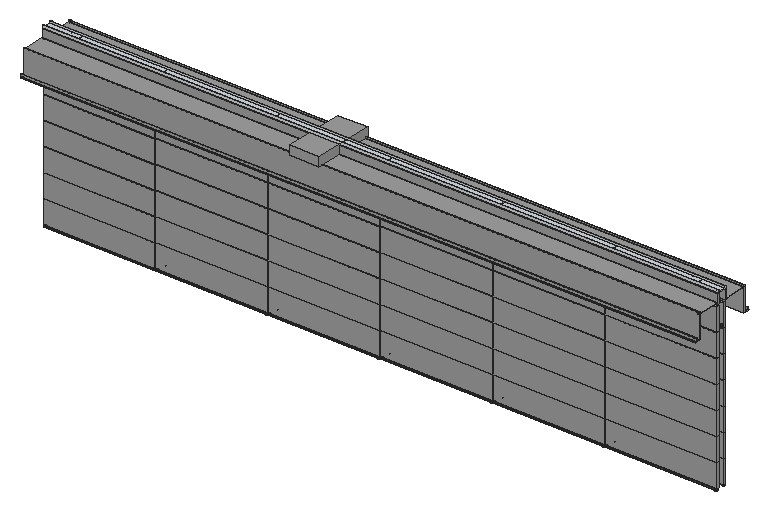
Revit family "Partition-7_Panels_High-Skyfold_Classic_Compact-12-1_to_14-0_FC_3680_to_4265", category Generic Models, host Ceiling, Revit 2026
Family settings
  Host = Ceiling
  Can host rebar = No
  Round Connector Dimension = Use Diameter
  Part Type = Normal
  Always vertical = Yes
  Cut with Voids When Loaded = No
  Maintain Annotation Orientation = No
  Shared = No
  Room Calculation Point = No
Parameters (values of type "14' - 0"")
  Visibility Of Unfold Single Panel [instance] = and(not(Fold), Number Of Panels < 2)  # no
  Visibility Of Fold Single Panel [instance] = and(Fold, Number Of Panels < 2)  # no
  Visibility Of Fold Panels [instance] = and(Fold, Number Of Panels > 1)  # no
  URL = "http://www.skyfold.com/\r\nhttp://www.skyfold.com/\r\nhttp://www.skyfold.com/\r\nhttp://www.skyfold.com/"
  Total Panel Height = ([Panel Height"F"] * 7) + 0' 3"  # 15' - 8 1/2"
  Pocket Material [instance] = Default
  Panel Array [instance] = if(Number Of Panels < 3, 2, Number Of Panels)  # 6
  Panel 7 Material [instance] = Default
  Panel 6 Material [instance] = Default
  Panel 5 Material [instance] = Default
  Panel 4 Material [instance] = Default
  Panel 3 Material [instance] = Default
  Panel 2 Material [instance] = Default
  Model = "Compact Drive System"
  Manufacturer = "Skyfold"
  Description = "Custom Powerlift Partitions"
  Default Elevation = 0' - 0"
  Center Pantograph Visibility [instance] = Number Of Panels > 2  # yes
  Visibility Of Single Pantograph [instance] = and(Number Of Panels = 2, Total Wall Length > 16' 0")  # no
  Total Wall Length [instance] = 65' - 0"
  Wall Thickness = 0' - 11 3/4"  # constant formula
  Unfold [instance] = and(not(Fold), Number Of Panels > 1)  # yes
  Pocket Width"E" = 5' - 3 3/4"
  Pocket Depth"D" = 2' - 1 1/2"
  Panel Length [instance] = (Total Wall Length - 0' 2" - (Number Of Panels - 1) * 0' 0 1/2") / Number Of Panels  # 10' - 9 1/4"
  Panel Height"F" = 2' - 2 1/2"
  Offset From Ceiling [instance] = 0' - 0"
  Center Pantographs [instance] = if(Number Of Panels < 3, 2, Number Of Panels - 1)  # 5
  Number Of Panels [instance] = (Total Wall Length / Max Panel Length) + 0.499  # 6
  Motor Positionning [instance] = if(or(Number Of Panels = 1, Total Wall Length < 16' 1", Number Of Panels = 3, Number Of Panels = 5, Number Of Panels = 7, Number Of Panels = 9, Number Of Panels = 11), (Total Wall Length / 2), (Total Wall Length / 2) - (Panel Length / 2))  # 27' - 1 3/8"
  Max Wall Length [instance] = 100' - 0"  # constant formula
  Max Panel Length [instance] = 12' - 0"  # constant formula
  Height Between Panels [instance] = [Panel Height"F"] + 0' 0 1/2"  # 2' - 3"
  Fold [instance] = no
  Distance From Acoustic Barrier = 0' - 2"  # constant formula
  Distance Between Panels [instance] = Panel Length + 0' 0 1/2"  # 10' - 9 3/4"
  Finished Ceiling"A" = 14' - 0"
  Panel 1 Material [instance] = Default
  Top Of Acoustic Barrier [instance] = 17' - 0"
  Assembly Code = ""
  Beam Height"B" = 17' - 1"
  Acoustic Barrier"C" = 16' - 0 1/2"
Reference planes (in)
  plane 1 "Center (Front/Back)": y = 0
  plane 2 "Ceiling": z = 96
  plane 3 "Center (Left/Right)": x = 0
  plane 4: y = -31.875
  plane 5: y = 31.875
  plane 6: y = -5.875
  plane 7: y = 5.875
  plane 8: x = 780
  plane 9: x = 1
  plane 10: x = 130.75
  plane 11: z = 95.96875
  plane 12: z = 121.46875
  plane 13: z = -72.03125
  plane 14 "Beam height": z = 132.96875
  plane 15 "ouverture": y = -35.68131
  plane 16: x = 325.375
  plane 17 "BOAB": z = 118.57812
  plane 18: z = 95.96875
Lines and regions (in)
  Opening 1
    outline origin (0, 3.93322, 96) x (1, 0, 0) y (0, 1, 0)
      loop
        line (0, 33.19178) -> (0, -41.05822) -> (780, -41.05822) -> (780, 33.19178) -> (0, 33.19178)
Dimensions and locks (in)
  equal spacing: host sketch curve, plane 3 "Center (Left/Right)", host sketch curve
  equal spacing: host sketch curve, plane 1 "Center (Front/Back)", host sketch curve
  host sketch curve to host sketch curve = 10' - 0"  (x2)
  plane 2 "Ceiling" to level = 7' - 0"
  equal spacing: plane 4, plane 1 "Center (Front/Back)", plane 5
  "Pocket Width"E"": plane 4 to plane 5
  equal spacing: plane 6, plane 1 "Center (Front/Back)", plane 7
  "Wall Thickness": plane 6 to plane 7
  "Total Wall Length": plane 8 to plane 3 "Center (Left/Right)"
  locked: plane 9 to plane 3 "Center (Left/Right)" at 1
  "Distance Between Panels": plane 10 to plane 9
  locked: plane 2 "Ceiling" to plane 11 at 0.03125
  equal spacing: group 1, group 2, group 7, group 9, group 12, group 15  (x3)
  equal spacing: group 3, group 4, group 8, group 10, group 13, group 16  (x3)
  "Finished Ceiling"A"": plane 11 to plane 13
  "Beam Height"B"": plane 14 "Beam height" to plane 13
  locked: nested 8 to plane 3 "Center (Left/Right)" at 32
  locked: plane 8 to nested 9 at 32
  locked: nested 5 to nested 10 at 0.25
  equal spacing: group 5, group 6, group 11, group 14, group 17  (x3)
  "Distance Between Panels": nested 11 to nested 10
  locked: plane 10 to nested 12 at 0.25
  "Motor Positionning": plane 16 to plane 3 "Center (Left/Right)"
  locked: plane 12 to plane 17 "BOAB" at 2.89062
  "Offset From Ceiling": plane 11 to plane 18
  "Pocket Depth"D"": plane 12 to plane 18
  aligned and locked: nested 1 to Opening 1 sketch curve  (x2)
  aligned and locked: Opening 1 sketch curve to plane 8
  aligned and locked: plane 2 "Ceiling" to host ceiling
  aligned and locked: nested 2 to plane 1 "Center (Front/Back)"
  aligned and locked: nested 2 to plane 9
  aligned and locked: Opening 1 sketch curve to nested 1
  aligned and locked: nested 1 to plane 3 "Center (Left/Right)"
  aligned and locked: nested 4 to plane 10
  aligned and locked: plane 10 to nested 5
  aligned and locked: plane 8 to nested 6
  aligned and locked: plane 3 "Center (Left/Right)" to nested 6
  aligned and locked: nested 13 to plane 1 "Center (Front/Back)"
  aligned and locked: plane 14 "Beam height" to nested 6
  aligned and locked: nested 1 to nested 6
  aligned and locked: plane 14 "Beam height" to nested 8
  aligned and locked: plane 14 "Beam height" to nested 12
  aligned and locked: plane 14 "Beam height" to nested 10
  aligned and locked: nested 11 to plane 14 "Beam height"
  aligned and locked: nested 9 to plane 14 "Beam height"
  aligned and locked: nested 14 to plane 1 "Center (Front/Back)"
  aligned and locked: nested 15 to nested 14
  aligned and locked: plane 9 to nested 15
  aligned and locked: nested 16 to nested 14
  aligned and locked: nested 16 to plane 9
  aligned and locked: plane 16 to nested 7
  aligned and locked: plane 14 "Beam height" to nested 7
  aligned and locked: nested 14 to plane 17 "BOAB"
  aligned and locked: plane 17 "BOAB" to nested 2
  aligned and locked: nested 13 to plane 18
  aligned and locked: nested 3 to plane 18
  aligned and locked: nested 15 to plane 18
  aligned and locked: nested 5 to plane 18
  aligned and locked: nested 16 to plane 17 "BOAB"
  aligned and locked: nested 4 to plane 17 "BOAB"
  aligned and locked: nested 1 to plane 18
  aligned and locked: plane 7 to nested 27
  aligned and locked: nested 27 to plane 14 "Beam height"
  aligned and locked: plane 5 to nested 25
  aligned and locked: nested 25 to plane 11
  aligned and locked: plane 15 "ouverture" to nested 26
  aligned and locked: nested 26 to plane 14 "Beam height"
Nested families (in)
  nested 1: "Pocket" at (0, -10.75, 97.27344), Acoustic_Barrier"C" <- "Acoustic Barrier"C"", Total_Wall_Length <- "Total Wall Length", T.O. Acoustic_Barrier <- "Top Of Acoustic Barrier", Beam_Height <- "Beam Height"B"", Pocket Material <- "Pocket Material", type "Pocket"
    with Total_Wall_Length 65' - 0", T.O. Acoustic_Barrier 17' - 0", Pocket Material Default, Motor_Length 2' - 10", Motor_Height 0' - 11 1/2", Beam_Height 17' - 1", Acoustic_Barrier"C" 16' - 0 1/2", Pocket_Width"E" 5' - 3 3/4", Pocket_Depth"D" 2' - 1 1/2", Finished_Ceiling"A" 14' - 0"
  nested 2: "Groupe_5 panneaux" at (1, 0, -116.2765), panel_length <- "Panel Length", Panel_Material <- "Panel 1 Material", visible <- "Unfold", Total_Panel-Height <- "Total Panel Height", Panel 2 material <- "Panel 2 Material", Panel 3 material <- "Panel 3 Material", Panel 4 material <- "Panel 4 Material", Panel 5 material <- "Panel 5 Material", Panel 6 material <- "Panel 6 Material", Panel 7 material <- "Panel 7 Material", type "Groupe_5 panneaux"
    with panel_length 10' - 9 1/4", Total_Panel-Height 15' - 8 1/2", Panel_Material Default, Panel 7 material Default, Panel 6 material Default, Panel 5 material Default, Panel 4 material Default, Panel 3 material Default, Panel 2 material Default
  nested 3: "Panneau_hor" at (1, 12.57079, 83.96875), panel_length <- "Panel Length", panel_height <- "Panel Height"F"", visible <- "Visibility Of Fold Panels", Panel_Material <- "Panel 7 Material", type "Panneau_hor"
    with panel_length 10' - 9 1/4", panel_height 2' - 2 1/2", Panel_Material Default
  nested 4: "Groupe_5 panneaux" at (130.75, 0, -116.2765), panel_length <- "Panel Length", Panel_Material <- "Panel 1 Material", visible <- "Unfold", Total_Panel-Height <- "Total Panel Height", Panel 2 material <- "Panel 2 Material", Panel 3 material <- "Panel 3 Material", Panel 4 material <- "Panel 4 Material", Panel 5 material <- "Panel 5 Material", Panel 6 material <- "Panel 6 Material", Panel 7 material <- "Panel 7 Material", type "Groupe_5 panneaux"
    with panel_length 10' - 9 1/4", Total_Panel-Height 15' - 8 1/2", Panel_Material Default, Panel 7 material Default, Panel 6 material Default, Panel 5 material Default, Panel 4 material Default, Panel 3 material Default, Panel 2 material Default
  nested 5: "Panneau_hor" at (130.75, 12.57079, 83.96875), panel_length <- "Panel Length", panel_height <- "Panel Height"F"", visible <- "Visibility Of Fold Panels", Panel_Material <- "Panel 7 Material", type "Panneau_hor"
    with panel_length 10' - 9 1/4", panel_height 2' - 2 1/2", Panel_Material Default
  nested 6: "Beam" at (0, -10.75, 114.27344), type "Pocket"
    with Total_Wall_Length 65' - 0"
  nested 7: "Motor" at (308.375, -23, 122.96875), type "Compact"
  nested 8: "Pantograph" at (54.25, -4, 120.6875) x (0, 1, 0) z (0, 0, 1), type "Pantograph"
  nested 9: "Pantograph" at (770.25, -4, 120.6875) x (0, 1, 0) z (0, 0, 1), type "Pantograph"
  nested 10: "Pantograph" at (152.75, -4, 120.6875) x (0, 1, 0) z (0, 0, 1), visible <- "Center Pantograph Visibility", type "Pantograph"
  nested 11: "Pantograph" at (282.5, -4, 120.6875) x (0, 1, 0) z (0, 0, 1), visible <- "Center Pantograph Visibility", type "Pantograph"
  nested 12: "Pantograph" at (152.75, -4, 120.6875) x (0, 1, 0) z (0, 0, 1), visible <- "Visibility Of Single Pantograph", type "Pantograph"
  nested 13: "2D Fold panels" at (1, 2.48811, 95.96875) x (0, 1, 0) z (1, 0, 0), visible <- "Fold", Panel_Height <- "Panel Height"F"", type "Folded panels"
    with Panel_Height 2' - 2 1/2"
  nested 14: "2D Unfold Panels" at (1, -1.44627, 26.57812) x (0, 1, 0) z (1, 0, 0), visible <- "Unfold", type "Unfold Panels"
  nested 15: "Panneau_hor" at (1, 12.57079, 83.96875), panel_length <- "Panel Length", panel_height <- "Panel Height"F"", Panel_Material <- "Panel 1 Material", visible <- "Visibility Of Fold Single Panel", type "Panneau_hor"
    with panel_length 10' - 9 1/4", panel_height 2' - 2 1/2", Panel_Material Default
  nested 16: "Groupe_5 panneaux" at (1, 0, -116.2765), Panel_Material <- "Panel 1 Material", panel_length <- "Panel Length", visible <- "Visibility Of Unfold Single Panel", Total_Panel-Height <- "Total Panel Height", type "Groupe_5 panneaux"
    with panel_length 10' - 9 1/4", Total_Panel-Height 15' - 8 1/2", Panel_Material Default, Panel 7 material none, Panel 6 material none, Panel 5 material none, Panel 4 material none, Panel 3 material none, Panel 2 material none
  nested 17: "Groupe_5 panneaux" at (260.5, 0, -116.2765), panel_length <- "Panel Length", Panel_Material <- "Panel 1 Material", visible <- "Unfold", Total_Panel-Height <- "Total Panel Height", Panel 2 material <- "Panel 2 Material", Panel 3 material <- "Panel 3 Material", Panel 4 material <- "Panel 4 Material", Panel 5 material <- "Panel 5 Material", Panel 6 material <- "Panel 6 Material", Panel 7 material <- "Panel 7 Material", type "Groupe_5 panneaux"
    with panel_length 10' - 9 1/4", Total_Panel-Height 15' - 8 1/2", Panel_Material Default, Panel 7 material Default, Panel 6 material Default, Panel 5 material Default, Panel 4 material Default, Panel 3 material Default, Panel 2 material Default
  nested 18: "Panneau_hor" at (260.5, 12.57079, 83.96875), panel_length <- "Panel Length", panel_height <- "Panel Height"F"", visible <- "Visibility Of Fold Panels", Panel_Material <- "Panel 7 Material", type "Panneau_hor"
    with panel_length 10' - 9 1/4", panel_height 2' - 2 1/2", Panel_Material Default
  nested 19: "Groupe_5 panneaux" at (390.25, 0, -116.2765), panel_length <- "Panel Length", Panel_Material <- "Panel 1 Material", visible <- "Unfold", Total_Panel-Height <- "Total Panel Height", Panel 2 material <- "Panel 2 Material", Panel 3 material <- "Panel 3 Material", Panel 4 material <- "Panel 4 Material", Panel 5 material <- "Panel 5 Material", Panel 6 material <- "Panel 6 Material", Panel 7 material <- "Panel 7 Material", type "Groupe_5 panneaux"
    with panel_length 10' - 9 1/4", Total_Panel-Height 15' - 8 1/2", Panel_Material Default, Panel 7 material Default, Panel 6 material Default, Panel 5 material Default, Panel 4 material Default, Panel 3 material Default, Panel 2 material Default
  nested 20: "Panneau_hor" at (390.25, 12.57079, 83.96875), panel_length <- "Panel Length", panel_height <- "Panel Height"F"", visible <- "Visibility Of Fold Panels", Panel_Material <- "Panel 7 Material", type "Panneau_hor"
    with panel_length 10' - 9 1/4", panel_height 2' - 2 1/2", Panel_Material Default
  nested 21: "Pantograph" at (412.25, -4, 120.6875) x (0, 1, 0) z (0, 0, 1), visible <- "Center Pantograph Visibility", type "Pantograph"
  nested 22: "Groupe_5 panneaux" at (520, 0, -116.2765), panel_length <- "Panel Length", Panel_Material <- "Panel 1 Material", visible <- "Unfold", Total_Panel-Height <- "Total Panel Height", Panel 2 material <- "Panel 2 Material", Panel 3 material <- "Panel 3 Material", Panel 4 material <- "Panel 4 Material", Panel 5 material <- "Panel 5 Material", Panel 6 material <- "Panel 6 Material", Panel 7 material <- "Panel 7 Material", type "Groupe_5 panneaux"
    with panel_length 10' - 9 1/4", Total_Panel-Height 15' - 8 1/2", Panel_Material Default, Panel 7 material Default, Panel 6 material Default, Panel 5 material Default, Panel 4 material Default, Panel 3 material Default, Panel 2 material Default
  nested 23: "Panneau_hor" at (520, 12.57079, 83.96875), panel_length <- "Panel Length", panel_height <- "Panel Height"F"", visible <- "Visibility Of Fold Panels", Panel_Material <- "Panel 7 Material", type "Panneau_hor"
    with panel_length 10' - 9 1/4", panel_height 2' - 2 1/2", Panel_Material Default
  nested 24: "Pantograph" at (542, -4, 120.6875) x (0, 1, 0) z (0, 0, 1), visible <- "Center Pantograph Visibility", type "Pantograph"
  nested 25: "Suspended Ceiling Component" at (780, 31.875, 95.96875) x (0, 1, 0) z (1, 0, 0), type "Suspended Ceiling Component"
  nested 26: "Disclaimer Component" at (780, -35.68131, 132.96875) x (0, 1, 0) z (1, 0, 0), type "Disclaimer Component"
  nested 27: "construction as per ASTM E557 Component" at (780, 5.875, 132.96875) x (0, 1, 0) z (1, 0, 0), type "construction as per ASTM E557 Component"
  nested 28: "Groupe_5 panneaux" at (649.75, 0, -116.2765), panel_length <- "Panel Length", Panel_Material <- "Panel 1 Material", visible <- "Unfold", Total_Panel-Height <- "Total Panel Height", Panel 2 material <- "Panel 2 Material", Panel 3 material <- "Panel 3 Material", Panel 4 material <- "Panel 4 Material", Panel 5 material <- "Panel 5 Material", Panel 6 material <- "Panel 6 Material", Panel 7 material <- "Panel 7 Material", type "Groupe_5 panneaux"
    with panel_length 10' - 9 1/4", Total_Panel-Height 15' - 8 1/2", Panel_Material Default, Panel 7 material Default, Panel 6 material Default, Panel 5 material Default, Panel 4 material Default, Panel 3 material Default, Panel 2 material Default
  nested 29: "Panneau_hor" at (649.75, 12.57079, 83.96875), panel_length <- "Panel Length", panel_height <- "Panel Height"F"", visible <- "Visibility Of Fold Panels", Panel_Material <- "Panel 7 Material", type "Panneau_hor"
    with panel_length 10' - 9 1/4", panel_height 2' - 2 1/2", Panel_Material Default
  nested 30: "Pantograph" at (671.75, -4, 120.6875) x (0, 1, 0) z (0, 0, 1), visible <- "Center Pantograph Visibility", type "Pantograph"
Definition of nested family "Pocket"
  Parameters
    Total_Wall_Length [instance] = 35' - 0"
    T.O. Acoustic_Barrier [instance] = 15' - 0"
    Pocket_Width"E" = 4' - 7 1/2"
    Pocket_Depth"D" = 2' - 0 7/8"
    Pocket Material [instance] = none
    Motor_Length [instance] = 2' - 6 29/128"
    Motor_Height [instance] = 1' - 3"
    Finished_Ceiling"A" = 12' - 1"
    Default Elevation = 0' - 0"
    Assembly Code = ""
    Beam_Height [instance] = 10' - 0"
    Acoustic_Barrier"C" [instance] = 1' - 7 5/8"
  Reference planes (in)
    plane 1 "Center (Front/Back)": y = 10.75
    plane 2: z = 23.57031
    plane 3 "Center (Left/Right)": x = 0
    plane 4: z = -1.30469
    plane 5: y = -17
    plane 6: y = 38.5
    plane 7: y = -22.25
    plane 8: y = 43.75
    plane 9: z = 2.32031
    plane 10: y = 4.75
    plane 11: y = 16.75
    plane 12: x = 420
    plane 13: z = 3.69531
    plane 14: z = 71.18777
    plane 15: z = 33.69531
    plane 16: z = -146.30469
    plane 17: x = 12.89513
    plane 18: x = 203.52734
    plane 19: z = -26.30469
    plane 20: z = 24.57031
  Forms (in)
    Extrusion 1, solid, material <- "Pocket Material"
      sketch origin (0, 0, 0) x (0, 1, 0) y (0, 0, 1)
        loop
          line (-22.25, 2.32031) -> (-22.25, -1.30469) -> (-17, -1.30469) -> (-17, 26.57031) -> (-17.625, 26.57031) -> (-17.625, -0.67969) -> (-21.625, -0.67969) -> (-21.625, 2.32031) -> (-22.25, 2.32031)
        loop
          line (-16.78125, 24.57031) -> (4.53125, 24.57031) -> (4.53125, 25.19531) -> (-16.78125, 25.19531) -> (-16.78125, 24.57031)
      from 0 to 420
    Extrusion 2, solid, material <- "Pocket Material"
      sketch origin (0, 0, 0) x (0, 1, 0) y (0, 0, 1)
        loop
          line (9.75, -1.30469) -> (11.75, -1.30469) -> (11.75, -1.05469) -> (10.875, -1.05469) -> (10.875, 0.69531) -> (10.625, 0.69531) -> (10.625, -1.05469) -> (9.75, -1.05469) -> (9.75, -1.30469)
      from 0 to 420
    Extrusion 3, solid, material <- "Pocket Material"
      sketch origin (0, 0, 0) x (0, 1, 0) y (0, 0, 1)
        loop
          line (4.75, 23.57031) -> (5.75, 23.57031) -> (5.75, 33.69531) -> (4.75, 33.69531) -> (4.75, 23.57031)
      from 0 to 420
    Extrusion 4, solid, material <- "Pocket Material"
      sketch origin (0, 21.5, 0) x (0, -1, 0) y (0, 0, -1)
        loop
          line (4.75, -23.57031) -> (4.75, -33.69531) -> (5.75, -33.69531) -> (5.75, -23.57031) -> (4.75, -23.57031)
      from 0 to 420
    Extrusion 5, solid, material <- "Pocket Material"
      sketch origin (420, 0, 0.01562) x (0, 1, 0) y (0, 0, 1)
        loop
          line (-17, 25.25781) -> (-17, 24.46094) -> (-16.25, 24.46094) -> (-16.25, 24.55469) -> (-16.90625, 24.55469) -> (-16.90625, 25.25781) -> (-17, 25.25781)
      from -420 to 0
    Extrusion 6, solid, material <- "Pocket Material"
      sketch origin (420, -21.98359, 0.03125) x (0, -1, 0) y (0, 0, -1)
        loop
          line (-26.73359, -25.24219) -> (-26.63984, -25.24219) -> (-26.63984, -24.53906) -> (-25.98359, -24.53906) -> (-25.98359, -24.44531) -> (-26.73359, -24.44531) -> (-26.73359, -25.24219)
      from -420 to 0
    Extrusion 7, solid, material <- "Pocket Material"
      sketch origin (420, -57.55768, -19.35805) x (0, -1, 0) y (0, 0, -1)
        loop
          line (-35.30768, -18.75649) -> (-35.21393, -18.75649) -> (-35.21393, -18.05336) -> (-34.55768, -18.05336) -> (-34.55768, -17.95961) -> (-35.30768, -17.95961) -> (-35.30768, -18.75649)
      from -420 to 0
    Extrusion 8, solid, material <- "Pocket Material"
      sketch origin (0, 21.5, 0.125) x (0, -1, 0) y (0, 0, -1)
        loop
          line (-22.25, -2.32031) -> (-21.625, -2.32031) -> (-21.625, 0.67969) -> (-17.625, 0.67969) -> (-17.625, -26.44531) -> (-17, -26.44531) -> (-17, 1.30469) -> (-22.25, 1.30469) -> (-22.25, -2.32031)
        loop
          line (-16.78125, -24.44531) -> (-16.78125, -25.07031) -> (4.53125, -25.07031) -> (4.53125, -24.44531) -> (-16.78125, -24.44531)
      from 0 to 420
    Extrusion 9, solid, material <- "Pocket Material"
      sketch origin (420, 21.5, 0) x (0, -1, 0) y (0, 0, -1)
        loop
          line (-17, -25.27344) -> (-16.90625, -25.27344) -> (-16.90625, -24.57031) -> (-16.25, -24.57031) -> (-16.25, -24.47656) -> (-17, -24.47656) -> (-17, -25.27344)
      from -420 to 0
    Extrusion 10, solid, material <- "Pocket Material"
      sketch origin (420, 43.48359, 0) x (0, 1, 0) y (0, 0, 1)
        loop
          line (-26.73359, 25.27344) -> (-26.73359, 24.47656) -> (-25.98359, 24.47656) -> (-25.98359, 24.57031) -> (-26.63984, 24.57031) -> (-26.63984, 25.27344) -> (-26.73359, 25.27344)
      from -420 to 0
    Extrusion 11, solid, material <- "Pocket Material"
      sketch origin (420, 79.05768, -19.35805) x (0, 1, 0) y (0, 0, 1)
        loop
          line (-35.30768, 18.75649) -> (-35.30768, 17.95961) -> (-34.55768, 17.95961) -> (-34.55768, 18.05336) -> (-35.21393, 18.05336) -> (-35.21393, 18.75649) -> (-35.30768, 18.75649)
      from -420 to 0
  Lines and regions (in)
    symbolic lines
      curve 1: line (420, -21.625, -0.67969) -> (420, -17.625, -0.67969)
      curve 2: line (420, -21.625, 33.69531) -> (420, -21.625, -0.67969)
      curve 3: line (420, -17.625, 33.69531) -> (420, -21.625, 33.69531)
      curve 4: line (420, -17.625, -0.67969) -> (420, -17.625, 33.69531)
      curve 5: line (420, 43.125, -0.55469) -> (420, 39.125, -0.55469)
      curve 6: line (420, 43.125, 33.69531) -> (420, 43.125, -0.55469)
      curve 7: line (420, 39.125, 33.69531) -> (420, 43.125, 33.69531)
      curve 8: line (420, 39.125, -0.55469) -> (420, 39.125, 33.69531)
      curve 9: line (420, 16.75, 28.19531) -> (420, 16.75, 26.94531)
      curve 10: line (0, 5.25, 33.69531) -> (0, 5.25, 23.57031)
      curve 11: line (0, 16.25, 33.69531) -> (0, 16.25, 23.57031)
  Dimensions and locks (in)
    locked: plane 7 to plane 5 at 5.25
    locked: plane 9 to plane 4 at 3.625
    locked: plane 6 to plane 8 at 5.25
    plane 10 to plane 1 "Center (Front/Back)" = 0' - 6"
    plane 10 to plane 11 = 1' - 0"
    "Pocket_Width"E"": plane 5 to plane 6
    equal spacing: plane 5, plane 1 "Center (Front/Back)", plane 6
    "Finished_Ceiling"A"": plane 4 to level
    locked: plane 7 to Extrusion 1 sketch curve at 0.625
    locked: Extrusion 1 sketch curve to plane 4 at 0.625
    locked: Extrusion 1 sketch curve to Extrusion 1 sketch curve at 0.625  (x2)
    "Total_Wall_Length": plane 12 to plane 3 "Center (Left/Right)"
    equal spacing: Extrusion 2 sketch curve, plane 1 "Center (Front/Back)", Extrusion 2 sketch curve  (x2)
    locked: Extrusion 2 sketch curve to plane 4 at 2
    locked: Extrusion 2 sketch curve to plane 4 at 0.25
    locked: Extrusion 2 sketch curve to plane 1 "Center (Front/Back)" at 0.125
    locked: Extrusion 1 sketch curve to Extrusion 1 sketch curve at 0.21875
    locked: plane 10 to Extrusion 3 sketch curve at 1
    "Pocket_Depth"D"": plane 2 to plane 4
    locked: plane 13 to plane 16 at 150
    "T.O. Acoustic_Barrier": plane 15 to plane 16
    locked: plane 18 to plane 3 "Center (Left/Right)" at 203.52734
    "Beam_Height": plane 19 to plane 16
    plane 4 to plane 16 = 12' - 1"
    Extrusion 1 to Extrusion 1 to plane 5 = 0' - 0 5/8", 0' - 0"
    locked: Extrusion 1 sketch curve to Extrusion 1 sketch curve at 1.375
    locked: Extrusion 1 sketch curve to plane 10 at 0.21875
    locked: Extrusion 5 sketch curve to Extrusion 5 sketch curve at 0.09375  (x2)
    locked: Extrusion 5 sketch curve to Extrusion 5 sketch curve at 0.79688
    locked: Extrusion 5 sketch curve to Extrusion 5 sketch curve at 0.75
    locked: Extrusion 6 sketch curve to Extrusion 6 sketch curve at 0.09375  (x2)
    locked: Extrusion 6 sketch curve to Extrusion 6 sketch curve at 0.79688
    locked: Extrusion 6 sketch curve to Extrusion 6 sketch curve at 0.75
    locked: Extrusion 7 sketch curve to Extrusion 7 sketch curve at 0.09375  (x2)
    locked: Extrusion 7 sketch curve to Extrusion 7 sketch curve at 0.79688
    locked: Extrusion 7 sketch curve to Extrusion 7 sketch curve at 0.75
    locked: Extrusion 8 sketch curve to Extrusion 8 sketch curve at 0.625
    Extrusion 8 sketch curve to Extrusion 8 sketch curve = 0' - 0 5/8"
    locked: Extrusion 8 sketch curve to Extrusion 8 sketch curve at 0.21875
    Extrusion 8 sketch curve to Extrusion 8 sketch curve = 0' - 1 3/8"
    locked: Extrusion 9 sketch curve to Extrusion 9 sketch curve at 0.09375  (x2)
    locked: Extrusion 9 sketch curve to Extrusion 9 sketch curve at 0.79688
    locked: Extrusion 9 sketch curve to Extrusion 9 sketch curve at 0.75
    locked: Extrusion 10 sketch curve to Extrusion 10 sketch curve at 0.09375  (x2)
    locked: Extrusion 10 sketch curve to Extrusion 10 sketch curve at 0.79688
    locked: Extrusion 10 sketch curve to Extrusion 10 sketch curve at 0.75
    locked: Extrusion 11 sketch curve to Extrusion 11 sketch curve at 0.09375  (x2)
    locked: Extrusion 11 sketch curve to Extrusion 11 sketch curve at 0.79688
    locked: Extrusion 11 sketch curve to Extrusion 11 sketch curve at 0.75
    locked: plane 20 to plane 2 at 1
    aligned and locked: plane 12 to Extrusion 1
    aligned and locked: Extrusion 2 sketch curve to Extrusion 2 sketch curve
    aligned and locked: Extrusion 2 to plane 3 "Center (Left/Right)"
    aligned and locked: plane 12 to Extrusion 2
    aligned and locked: Extrusion 3 sketch curve to plane 2
    aligned and locked: Extrusion 3 sketch curve to plane 10
    aligned and locked: plane 15 to Extrusion 4
    aligned and locked: plane 15 to Extrusion 3
    aligned and locked: plane 12 to Extrusion 3
    aligned and locked: plane 12 to Extrusion 4
    aligned and locked: plane 16 to level
    aligned and locked: curve 1 to Extrusion 1  (x2)
    aligned and locked: curve 4 to Extrusion 1
    aligned and locked: curve 7 to plane 15
    aligned and locked: plane 5 to Extrusion 5
    aligned: plane 2 to Extrusion 5
    aligned and locked: plane 10 to Extrusion 6
    aligned: plane 2 to Extrusion 6
    aligned and locked: plane 7 to Extrusion 7
    aligned and locked: plane 4 to Extrusion 7
    aligned and locked: plane 6 to Extrusion 9
    aligned and locked: plane 4 to Extrusion 11
    aligned and locked: Extrusion 11 to plane 8
    aligned and locked: plane 12 to Extrusion 5
    aligned and locked: plane 12 to Extrusion 6
    aligned and locked: Extrusion 10 to plane 3 "Center (Left/Right)"
    aligned and locked: Extrusion 6 to plane 3 "Center (Left/Right)"
    aligned and locked: Extrusion 5 to plane 3 "Center (Left/Right)"
    aligned and locked: plane 12 to Extrusion 10
    aligned and locked: plane 12 to Extrusion 9
    aligned and locked: Extrusion 9 to plane 3 "Center (Left/Right)"
    aligned and locked: plane 12 to Extrusion 7
    aligned and locked: plane 12 to Extrusion 11
    aligned and locked: Extrusion 7 to plane 3 "Center (Left/Right)"
    aligned and locked: Extrusion 11 to plane 3 "Center (Left/Right)"
    aligned and locked: Extrusion 8 to curve 8
    aligned and locked: curve 6 to Extrusion 8
    aligned and locked: curve 5 to Extrusion 8
    aligned and locked: plane 12 to Extrusion 8
    aligned and locked: Extrusion 1 to plane 3 "Center (Left/Right)"
    aligned and locked: Extrusion 8 to plane 3 "Center (Left/Right)"
    aligned and locked: Extrusion 1 sketch curve to plane 20
    aligned and locked: Extrusion 5 to Extrusion 1
    aligned and locked: Extrusion 6 to Extrusion 1
    aligned and locked: Extrusion 8 to Extrusion 1  (x2)
    aligned and locked: Extrusion 1 to Extrusion 8
    aligned and locked: Extrusion 10 to Extrusion 8
    aligned and locked: Extrusion 9 to Extrusion 8
  Automatic sketch dimensions
    curve 10 to plane 2 = 0' - 0"
    curve 10 to plane 15 = 0' - 0"
    curve 11 to plane 2 = 0' - 0"
    curve 11 to plane 15 = 0' - 0"
    plane 10 to curve 10 = 0' - 0 1/2"
    curve 11 to plane 11 = 0' - 0 1/2"
    Extrusion 1 sketch curve to plane 4 = 0' - 0"
    Extrusion 1 sketch curve to plane 7 = 0' - 0"
    Extrusion 1 sketch curve to plane 5 = 0' - 0"
    Extrusion 1 sketch curve to plane 9 = 0' - 0"
    Extrusion 2 sketch curve to plane 4 = 0' - 0"
    Extrusion 2 sketch curve to Extrusion 2 sketch curve = 0' - 0 7/8"
    Extrusion 3 sketch curve to plane 15 = 0' - 0"
    Extrusion 4 sketch curve to plane 11 = 0' - 0"
    Extrusion 4 sketch curve to plane 15 = 0' - 0"
    Extrusion 4 sketch curve to plane 2 = 0' - 0"
    plane 11 to Extrusion 4 sketch curve = 0' - 1"
    curve 3 to Extrusion 3 = 0' - 0"
    curve 9 to Extrusion 3 = 0' - 4 5/8"
    Extrusion 3 to curve 9 = 0' - 11"
    curve 9 to curve 9 = 0' - 1 1/4"
    Extrusion 5 sketch curve to Extrusion 3 = 0' - 0 29/32"
    Extrusion 3 to Extrusion 5 sketch curve = 1' - 9 3/4"
    Extrusion 6 sketch curve to Extrusion 3 = 0' - 0"
    Extrusion 6 sketch curve to Extrusion 3 = 0' - 1 45/64"
    Extrusion 3 to Extrusion 7 sketch curve = 2' - 3"
    Extrusion 3 to Extrusion 7 sketch curve = 2' - 0 11/64"
    Extrusion 8 sketch curve to plane 8 = 0' - 0"
    Extrusion 8 sketch curve to plane 6 = 0' - 0"
    Extrusion 8 sketch curve to plane 9 = 0' - 0 1/8"
    plane 8 to Extrusion 8 sketch curve = 0' - 0 5/8"
    Extrusion 8 sketch curve to plane 11 = 0' - 0 7/32"
    Extrusion 8 sketch curve to plane 4 = 0' - 0 3/4"
    Extrusion 8 sketch curve to plane 4 = 0' - 0 1/8"
    Extrusion 8 sketch curve to plane 2 = 0' - 1"
    Extrusion 9 sketch curve to Extrusion 3 = 0' - 0 29/32"
    Extrusion 3 to Extrusion 9 sketch curve = 2' - 8 3/4"
    Extrusion 10 sketch curve to Extrusion 3 = 0' - 0 29/32"
    Extrusion 3 to Extrusion 10 sketch curve = 0' - 11"
    Extrusion 3 to Extrusion 11 sketch curve = 3' - 2"
    Extrusion 3 to Extrusion 11 sketch curve = 2' - 0 31/32"
Definition of nested family "Groupe_5 panneaux"
  Parameters
    panel_length [instance] = 3' - 0"
    panel_height = 2' - 2 1/2"
    folded_width = 0' - 11 3/4"
    Total_Panel-Height [instance] = 9' - 2 3/4"
    Panel_Material [instance] = none
    Panel 7 material [instance] = none
    Panel 6 material [instance] = none
    Panel 5 material [instance] = none
    Panel 4 material [instance] = none
    Panel 3 material [instance] = none
    Panel 2 material [instance] = none
    Height_distance_bet_panels = panel_height + 0' 0 1/2"  # 2' - 3"
    Default Elevation = 0' - 0"
    Assembly Code = ""
  Reference planes (in)
    plane 1 "Center (Front/Back)": y = 0
    plane 2: z = 0
    plane 3 "Center (Left/Right)": x = 0
    plane 4: y = 5.875
    plane 5: z = 234.85463
    plane 6: y = -5.875
    plane 7: z = 207.85463
    plane 8: x = 36
    plane 9: z = 124.10463
    plane 10: z = 180.85463
    plane 11: z = 153.85463
    plane 12: z = 126.85463
    plane 13: z = 99.85463
    plane 14: z = 72.85463
  Forms (in)
    Extrusion 1, solid
      sketch origin (0, 1.79895, 58.50004) x (0, 1, 0) y (0, 0, 1)
        loop
          line (-6.80477, 63.92449) -> (-7.05382, 65.35459) -> (-6.92395, 65.35459) -> (-6.92395, 65.6046) -> (-7.67395, 65.6046) -> (-7.67395, 65.35459) -> (-7.41508, 65.35459) -> (-7.66413, 63.92449)
          arc (-7.66413, 63.92449) -> (-7.23445, 63.4948) -> (-6.80477, 63.92449) r 0.42968
      from 0 to 36
    Extrusion 2, solid
      sketch origin (0, -1.79895, 58.50004) x (0, -1, 0) y (0, 0, -1)
        loop
          arc (-6.80477, -63.92449) -> (-7.23445, -63.4948) -> (-7.66413, -63.92449) r 0.42968
          line (-7.66413, -63.92449) -> (-7.41508, -65.35459) -> (-7.67395, -65.35459) -> (-7.67395, -65.6046) -> (-6.92395, -65.6046) -> (-6.92395, -65.35459) -> (-7.05382, -65.35459) -> (-6.80477, -63.92449)
      from 0 to 36
  Dimensions and locks (in)
    equal spacing: plane 6, plane 1 "Center (Front/Back)", plane 4
    "folded_width": plane 6 to plane 4
    "panel_length": plane 8 to plane 3 "Center (Left/Right)"
    "Total_Panel-Height": plane 5 to plane 9
    equal spacing: plane 5, plane 7, plane 10, plane 11, plane 12, plane 13, plane 14
    "Height_distance_bet_panels": plane 5 to plane 7
    aligned and locked: plane 4 to nested 1
    aligned and locked: plane 6 to nested 2
    aligned and locked: plane 3 "Center (Left/Right)" to nested 1
    aligned and locked: nested 2 to plane 5  (x2)
    aligned and locked: nested 4 to plane 7  (x2)
    aligned and locked: plane 8 to Extrusion 1
    aligned and locked: Extrusion 1 to plane 3 "Center (Left/Right)"
    aligned and locked: Extrusion 1 to plane 6
    aligned and locked: Extrusion 2 to plane 3 "Center (Left/Right)"
    aligned and locked: plane 8 to Extrusion 2
    aligned and locked: plane 5 to nested 1
    aligned and locked: plane 7 to nested 3
    aligned and locked: nested 6 to plane 10
    aligned and locked: plane 10 to nested 5
    aligned and locked: nested 8 to plane 11
    aligned and locked: plane 11 to nested 7
    aligned and locked: nested 10 to plane 12
    aligned and locked: plane 12 to nested 9
    aligned and locked: nested 12 to plane 13
    aligned and locked: plane 13 to nested 11
    aligned and locked: nested 14 to plane 14
    aligned and locked: plane 14 to nested 13
    aligned and locked: nested 14 to plane 6
    aligned and locked: nested 12 to plane 6
    aligned and locked: plane 4 to nested 13
    aligned and locked: plane 4 to nested 11
    aligned and locked: plane 4 to nested 9
    aligned and locked: plane 6 to nested 10
    aligned and locked: plane 4 to nested 7
    aligned and locked: plane 6 to nested 8
    aligned and locked: plane 4 to nested 5
    aligned and locked: plane 6 to nested 6
    aligned and locked: plane 4 to nested 3
    aligned and locked: plane 6 to nested 4
  Automatic sketch dimensions
    Extrusion 1 sketch curve to plane 6 = 0' - 0"
    plane 6 to Extrusion 1 sketch curve = 0' - 0.00982"
    Extrusion 1 sketch curve to Extrusion 1 sketch curve = 0' - 0.25887"
    Extrusion 1 sketch curve to Extrusion 1 sketch curve = 0' - 0 55/128"
    Extrusion 1 sketch curve to plane 9 = 0' - 0 1/4"  (x2)
    Extrusion 1 sketch curve to Extrusion 1 sketch curve = 0' - 0.36126"
    plane 9 to Extrusion 1 sketch curve = 0' - 0"
    Extrusion 1 sketch curve to Extrusion 1 sketch curve = 0' - 0.12987"
    Extrusion 1 sketch curve to Extrusion 1 sketch curve = 0' - 1.4301"
    Extrusion 2 sketch curve to plane 4 = 0' - 0"
    plane 4 to Extrusion 2 sketch curve = 0' - 0.00982"
    Extrusion 2 sketch curve to Extrusion 2 sketch curve = 0' - 0.25887"
    Extrusion 2 sketch curve to Extrusion 2 sketch curve = 0' - 0 55/128"
    plane 9 to Extrusion 2 sketch curve = 0' - 0 1/4"  (x2)
    Extrusion 2 sketch curve to Extrusion 2 sketch curve = 0' - 0.36126"
    Extrusion 2 sketch curve to plane 9 = 0' - 0"
    Extrusion 2 sketch curve to Extrusion 2 sketch curve = 0' - 0.12987"
    Extrusion 2 sketch curve to Extrusion 2 sketch curve = 0' - 1.4301"
  Nested families (in)
    nested 1: "Panneau_top" at (0, 3.625, 208.35463), panel_height <- "panel_height", panel_length <- "panel_length", Panel_Material <- "Panel_Material", type "Panneau_top"
      with panel_length 3' - 0", panel_height 2' - 2 1/2", Panel_Material none
    nested 2: "Panneau_top" at (0, -3.625, 208.35463), panel_height <- "panel_height", panel_length <- "panel_length", Panel_Material <- "Panel_Material", type "Panneau_top"
      with panel_length 3' - 0", panel_height 2' - 2 1/2", Panel_Material none
    nested 3: "Panneau_top" at (0, 3.625, 181.35463), panel_height <- "panel_height", panel_length <- "panel_length", Panel_Material <- "Panel 2 material", type "Panneau_top"
      with panel_length 3' - 0", panel_height 2' - 2 1/2", Panel_Material none
    nested 4: "Panneau_top" at (0, -3.625, 181.35463), panel_height <- "panel_height", panel_length <- "panel_length", Panel_Material <- "Panel 2 material", type "Panneau_top"
      with panel_length 3' - 0", panel_height 2' - 2 1/2", Panel_Material none
    nested 5: "Panneau_top" at (0, 3.625, 154.35463), panel_height <- "panel_height", panel_length <- "panel_length", Panel_Material <- "Panel 3 material", type "Panneau_top"
      with panel_length 3' - 0", panel_height 2' - 2 1/2", Panel_Material none
    nested 6: "Panneau_top" at (0, -3.625, 154.35463), panel_height <- "panel_height", panel_length <- "panel_length", Panel_Material <- "Panel 3 material", type "Panneau_top"
      with panel_length 3' - 0", panel_height 2' - 2 1/2", Panel_Material none
    nested 7: "Panneau_top" at (0, 3.625, 127.35463), panel_height <- "panel_height", panel_length <- "panel_length", Panel_Material <- "Panel 4 material", type "Panneau_top"
      with panel_length 3' - 0", panel_height 2' - 2 1/2", Panel_Material none
    nested 8: "Panneau_top" at (0, -3.625, 127.35463), panel_height <- "panel_height", panel_length <- "panel_length", Panel_Material <- "Panel 4 material", type "Panneau_top"
      with panel_length 3' - 0", panel_height 2' - 2 1/2", Panel_Material none
    nested 9: "Panneau_top" at (0, 3.625, 100.35463), panel_height <- "panel_height", panel_length <- "panel_length", Panel_Material <- "Panel 5 material", type "Panneau_top"
      with panel_length 3' - 0", panel_height 2' - 2 1/2", Panel_Material none
    nested 10: "Panneau_top" at (0, -3.625, 100.35463), panel_height <- "panel_height", panel_length <- "panel_length", Panel_Material <- "Panel 5 material", type "Panneau_top"
      with panel_length 3' - 0", panel_height 2' - 2 1/2", Panel_Material none
    nested 11: "Panneau_top" at (0, 3.625, 73.35463), panel_height <- "panel_height", panel_length <- "panel_length", Panel_Material <- "Panel 6 material", type "Panneau_top"
      with panel_length 3' - 0", panel_height 2' - 2 1/2", Panel_Material none
    nested 12: "Panneau_top" at (0, -3.625, 73.35463), panel_height <- "panel_height", panel_length <- "panel_length", Panel_Material <- "Panel 6 material", type "Panneau_top"
      with panel_length 3' - 0", panel_height 2' - 2 1/2", Panel_Material none
    nested 13: "Panneau_top" at (0, 3.625, 46.35463), panel_height <- "panel_height", panel_length <- "panel_length", Panel_Material <- "Panel 7 material", type "Panneau_top"
      with panel_length 3' - 0", panel_height 2' - 2 1/2", Panel_Material none
    nested 14: "Panneau_top" at (0, -3.625, 46.35463), panel_height <- "panel_height", panel_length <- "panel_length", Panel_Material <- "Panel 7 material", type "Panneau_top"
      with panel_length 3' - 0", panel_height 2' - 2 1/2", Panel_Material none
  Definition of nested family "Panneau_top"
    Parameters
      panel_length [instance] = 4' - 0"
      panel_height [instance] = 4' - 0"
      Panel_Material [instance] = none
      Default Elevation = 0' - 0"
      Assembly Code = ""
    Reference planes (in)
      plane 1 "Center (Front/Back)": y = 0
      plane 2: z = 0
      plane 3 "Center (Left/Right)": x = 0
      plane 4: z = 48
      plane 5: x = 48
    Forms (in)
      Extrusion 1, solid, material <- "Panel_Material"
        sketch origin (0, 1.5, 0) x (0, 1, 0) y (0, 0, 1)
          loop
            line (-1.5, 48) -> (-1.5, 0) -> (0.75, 0) -> (0.75, 48) -> (-1.5, 48)
        from 0 to 48
    Dimensions and locks (in)
      "panel_length": plane 5 to plane 3 "Center (Left/Right)"
      "panel_height": plane 4 to plane 2
      locked: plane 1 "Center (Front/Back)" to Extrusion 1 at 2.25
      aligned and locked: plane 4 to Extrusion 1
      aligned and locked: plane 5 to Extrusion 1
      aligned and locked: Extrusion 1 sketch curve to plane 2
      aligned and locked: plane 1 "Center (Front/Back)" to Extrusion 1
    Automatic sketch dimensions
      Extrusion 1 sketch curve to plane 4 = 0' - 0"
      Extrusion 1 sketch curve to Extrusion 1 sketch curve = 0' - 2 1/4"
      Extrusion 1 sketch curve to plane 1 "Center (Front/Back)" = 0' - 0"
Definition of nested family "Panneau_hor"
  Parameters
    pocket_depth = 3' - 0"
    panel_length [instance] = 4' - 0"
    panel_height [instance] = 3' - 0"
    Panel_Material [instance] = none
    Default Elevation = 0' - 0"
    Assembly Code = ""
  Reference planes (in)
    plane 1 "Center (Front/Back)": y = -12.57079
    plane 2: z = 0
    plane 3 "Center (Left/Right)": x = 0
    plane 4: z = 48
    plane 5: x = 48
    plane 6: y = -15.82079
    plane 7: y = -9.32079
    plane 8: z = 12
    plane 9: y = 26.67921
    plane 10: z = 14.25
    plane 11: y = -51.82079
  Forms (in)
    Extrusion 1, solid, material <- "Panel_Material"
      sketch origin (0, 5.05768, 40.06591) x (0, 0, -1) y (0, 1, 0)
        loop
          line (25.81591, 21.62154) -> (25.81591, -14.37846) -> (28.06591, -14.37846) -> (28.06591, 21.62154) -> (25.81591, 21.62154)
      from 0 to 48
    Extrusion 2, solid, material <- "Panel_Material"
      sketch origin (0, -28.3555, 40.06591) x (0, 0, -1) y (0, 1, 0)
        loop
          line (25.81591, -23.46529) -> (28.06591, -23.46529) -> (28.06591, 12.53471) -> (25.81591, 12.53471) -> (25.81591, -23.46529)
      from 0 to 48
    Extrusion 3, solid
      sketch origin (0, 0, 0) x (0, 1, 0) y (0, 0, 1)
        loop
          line (-13.96908, 12.83522) -> (-15.57077, 12.58617) -> (-15.57077, 12.71604) -> (-15.82079, 12.71604) -> (-15.82079, 12) -> (-15.57077, 12) -> (-15.57077, 12.22491) -> (-13.96908, 11.97586)
          arc (-13.96908, 11.97586) -> (-13.5394, 12.40554) -> (-13.96908, 12.83522) r 0.42968
      from 0 to 48
    Extrusion 4, solid
      sketch origin (0, -25.14157, 0) x (0, -1, 0) y (0, 0, -1)
        loop
          arc (-13.96908, -12.83522) -> (-13.5394, -12.40554) -> (-13.96908, -11.97586) r 0.42968
          line (-13.96908, -11.97586) -> (-15.57077, -12.22491) -> (-15.57077, -12) -> (-15.82079, -12) -> (-15.82079, -12.71604) -> (-15.57077, -12.71604) -> (-15.57077, -12.58617) -> (-13.96908, -12.83522)
      from 0 to 48
  Dimensions and locks (in)
    "panel_length": plane 5 to plane 3 "Center (Left/Right)"
    equal spacing: plane 6, plane 1 "Center (Front/Back)", plane 7
    locked: plane 6 to plane 7 at 6.5
    "pocket_depth": plane 4 to plane 8
    "panel_height": plane 7 to plane 9
    locked: plane 10 to plane 8 at 2.25
    "panel_height": plane 11 to plane 6
    aligned: Extrusion 1 to plane 4
    aligned and locked: plane 5 to Extrusion 1
    aligned and locked: Extrusion 1 to plane 7
    aligned and locked: plane 9 to Extrusion 1
    aligned and locked: Extrusion 1 to plane 8
    aligned and locked: plane 10 to Extrusion 1
    aligned and locked: Extrusion 2 to plane 11
    aligned and locked: plane 5 to Extrusion 2
    aligned and locked: import instance to plane 8
    aligned and locked: import instance to plane 6
    aligned and locked: Extrusion 3 sketch curve to import instance  (x8)
    aligned and locked: Extrusion 4 sketch curve to import instance  (x8)
    aligned and locked: Extrusion 3 to plane 3 "Center (Left/Right)"
    aligned and locked: plane 5 to Extrusion 4
    aligned and locked: plane 5 to Extrusion 3
    aligned and locked: Extrusion 4 to plane 3 "Center (Left/Right)"
  Automatic sketch dimensions
    Extrusion 3 sketch curve to Extrusion 3 sketch curve = 0' - 0.12987"
    Extrusion 1 sketch curve to plane 7 = 0' - 0"
    Extrusion 1 sketch curve to plane 10 = 0' - 0"
    Extrusion 1 sketch curve to plane 8 = 0' - 0"
    Extrusion 1 sketch curve to plane 9 = 0' - 0"
    Extrusion 2 sketch curve to plane 6 = 0' - 0"
    Extrusion 2 sketch curve to plane 10 = 0' - 0"
    Extrusion 2 sketch curve to plane 8 = 0' - 0"
    Extrusion 2 sketch curve to plane 11 = 0' - 0"
    Extrusion 4 sketch curve to Extrusion 4 sketch curve = 0' - 0.12987"
Definition of nested family "Beam"
  Parameters
    Total_Wall_Length [instance] = 4' - 0"
    Default Elevation = 0' - 0"
    Assembly Code = ""
  Reference planes (in)
    plane 1 "Center (Front/Back)": y = 10.75
    plane 2: z = 18.69531
    plane 3 "Center (Left/Right)": x = 0
    plane 4: y = 4.75
    plane 5: y = 16.75
    plane 6: x = 48
    plane 7: z = 46.69531
    plane 8: z = -103.30469
  Forms (in)
    Extrusion 1, solid
      sketch origin (0, 0, 67.39062) x (0, 1, 0) y (0, 0, 1)
        loop
          line (5.75, -48.69531) -> (15.75, -48.69531) -> (15.75, -46.07031) -> (15.375, -46.07031) -> (15.375, -48.32031) -> (6.125, -48.32031) -> (6.125, -46.07031) -> (5.75, -46.07031) -> (5.75, -48.69531)
      from 0 to 48
  Dimensions and locks (in)
    plane 4 to plane 1 "Center (Front/Back)" = 0' - 6"
    plane 4 to plane 5 = 1' - 0"
    "Total_Wall_Length": plane 6 to plane 3 "Center (Left/Right)"
    Extrusion 1 sketch curve to Extrusion 1 sketch curve = 0' - 10"
    Extrusion 1 sketch curve to Extrusion 1 sketch curve = 0' - 9 1/4"
    locked: Extrusion 1 sketch curve to Extrusion 1 sketch curve at 0.375  (x2)
    locked: Extrusion 1 sketch curve to Extrusion 1 sketch curve at 2.625
    aligned and locked: plane 8 to level
    aligned and locked: Extrusion 1 sketch curve to Extrusion 1 sketch curve
    aligned and locked: plane 6 to Extrusion 1
    aligned and locked: Extrusion 1 to plane 3 "Center (Left/Right)"
  Automatic sketch dimensions
    Extrusion 1 sketch curve to plane 2 = 0' - 0"
    Extrusion 1 sketch curve to plane 4 = 0' - 1"
    plane 5 to Extrusion 1 sketch curve = 0' - 1 3/8"
    Extrusion 1 sketch curve to Extrusion 1 sketch curve = 0' - 0 3/8"
Definition of nested family "Motor"
  Parameters
    Motor_Width = 5' - 10"
    Motor_Length = 2' - 10"
    Motor_Height = 0' - 10"
    Default Elevation = 0' - 0"
    Assembly Code = ""
  Reference planes (in)
    plane 1 "Center (Front/Back)": y = 23
    plane 2: z = 0
    plane 3 "Center (Left/Right)": x = 0
    plane 4: y = -12
    plane 5: y = 58
    plane 6: z = 10
    plane 7: x = 34
    plane 8: x = 17
  Forms (in)
    Extrusion 1, solid
      sketch origin (0, 0, 0) x (0, 1, 0) y (0, 0, 1)
        loop
          line (-12, 10) -> (-12, 0) -> (58, 0) -> (58, 10) -> (-12, 10)
      from 0 to 34
  Dimensions and locks (in)
    equal spacing: plane 4, plane 1 "Center (Front/Back)", plane 5
    "Motor_Width": plane 4 to plane 5
    "Motor_Height": plane 6 to plane 2
    "Motor_Length": plane 7 to plane 3 "Center (Left/Right)"
    equal spacing: plane 7, plane 8, plane 3 "Center (Left/Right)"
    aligned and locked: plane 4 to Extrusion 1 sketch curve
    aligned and locked: Extrusion 1 sketch curve to plane 6
    aligned and locked: level to Extrusion 1 sketch curve
    aligned and locked: Extrusion 1 sketch curve to plane 5
    aligned and locked: plane 7 to Extrusion 1
    aligned and locked: nested 1 to plane 1 "Center (Front/Back)"
    aligned and locked: plane 6 to nested 1
  Nested families (in)
    nested 1: "Famille12" at (34, 18.89727, 1.99211) x (0, 1, 0) z (1, 0, 0), type "Famille12"
  Definition of nested family "Famille12"
    Reference planes (in)
      plane 1 "Centre (avant/arrière)": y = 1.97983
      plane 2: z = 0
      plane 3 "Centre (gauche/droite)": x = 4.10273
    Dimensions and locks (in)
      equal spacing: import instance, plane 3 "Centre (gauche/droite)", import instance
      equal spacing: import instance, plane 1 "Centre (avant/arrière)", import instance
Definition of nested family "Pantograph"
  Parameters
    Default Elevation = 0' - 0"
    Assembly Code = ""
  Reference planes (in)
    plane 1 "Center (Front/Back)": y = 22.25
    plane 2: z = 0
    plane 3 "Center (Left/Right)": x = 0
    plane 4: y = 6
    plane 5: y = 38.5
    plane 6: z = 4.5
    plane 7: x = 8
    plane 8: z = 12.28125
    plane 9: x = 4
  Forms (in)
    Extrusion 1, solid
      sketch origin (0, 0, 0) x (0, 1, 0) y (0, 0, 1)
        loop
          line (6, 4.5) -> (6, 0) -> (38.5, 0) -> (38.5, 4.5) -> (27.75, 4.5) -> (27.75, 12.28125) -> (16.75, 12.28125) -> (16.75, 4.5) -> (6, 4.5)
      from 0 to 8
  Dimensions and locks (in)
    equal spacing: plane 4, plane 1 "Center (Front/Back)", plane 5
    locked: Extrusion 1 sketch curve to Extrusion 1 sketch curve at 11
    equal spacing: Extrusion 1 sketch curve, plane 1 "Center (Front/Back)", Extrusion 1 sketch curve
    locked: plane 6 to plane 2 at 4.5
    locked: plane 8 to plane 2 at 12.28125
    locked: plane 4 to plane 5 at 32.5
    locked: plane 7 to plane 3 "Center (Left/Right)" at 8
    equal spacing: plane 3 "Center (Left/Right)", plane 9, plane 7
    aligned and locked: plane 4 to Extrusion 1 sketch curve
    aligned and locked: Extrusion 1 sketch curve to plane 6
    aligned and locked: level to Extrusion 1 sketch curve
    aligned and locked: Extrusion 1 sketch curve to plane 5
    aligned and locked: plane 7 to Extrusion 1
    aligned and locked: plane 8 to Extrusion 1
  Automatic sketch dimensions
    Extrusion 1 sketch curve to plane 6 = 0' - 0"
    Extrusion 1 sketch curve to Extrusion 1 sketch curve = 0' - 7 25/32"
Definition of nested family "2D Fold panels"
  Parameters
    Panel_Height [instance] = 1' - 6"
    Assembly Code = ""
  Reference planes (in)
    plane 1 "Center (Front/Back)": y = 0
    plane 2: z = 0
    plane 3 "Center (Left/Right)": x = -2.48811
    plane 4: x = -5.73811
    plane 5: x = 0.76189
    plane 6: x = -23.73811
    plane 7: x = 18.76189
  Lines and regions (in)
    detail lines, in view "Ref. Level"
      curve 1: line (-18.64888, 15.22013, 0) -> (-11.15205, 15.22013, 0)
      curve 2: line (-18.64888, 12.97013, 0) -> (-11.15205, 12.97013, 0)
      curve 3: line (-18.64888, 11.11006, 0) -> (-11.15205, 11.11006, 0)
      curve 4: line (-18.64888, 8.86006, 0) -> (-11.15205, 8.86006, 0)
      curve 5: line (-11.15205, 8.73506, 0) -> (-18.64888, 8.73506, 0)
      curve 6: line (-18.64888, 6.48506, 0) -> (-11.15205, 6.48506, 0)
      curve 7: line (-11.15205, 4.625, 0) -> (-18.64888, 4.625, 0)
      curve 8: line (-18.64888, 2.375, 0) -> (-11.15205, 2.375, 0)
      curve 9: line (-11.15205, 2.25, 0) -> (-18.64888, 2.25, 0)
      curve 10: line (-18.64888, 0, 0) -> (-11.15205, 0, 0)
      curve 11: line (6.17584, 15.22013, 0) -> (13.67267, 15.22013, 0)
      curve 12: line (13.67267, 12.97013, 0) -> (6.17584, 12.97013, 0)
      curve 13: line (6.17584, 11.11006, 0) -> (13.67267, 11.11006, 0)
      curve 14: line (6.17584, 8.86006, 0) -> (13.67267, 8.86006, 0)
      curve 15: line (6.17584, 8.73506, 0) -> (13.67267, 8.73506, 0)
      curve 16: line (13.67267, 6.48506, 0) -> (6.17584, 6.48506, 0)
      curve 17: line (6.17584, 4.625, 0) -> (13.67267, 4.625, 0)
      curve 18: line (13.67267, 2.375, 0) -> (6.17584, 2.375, 0)
      curve 19: line (6.17584, 2.25, 0) -> (13.67267, 2.25, 0)
      curve 20: line (13.67267, 0, 0) -> (6.17584, 0, 0)
      curve 21: line (-18.64888, 21.70519, 0) -> (-11.15205, 21.70519, 0)
      curve 22: line (-11.15205, 19.45519, 0) -> (-18.64888, 19.45519, 0)
      curve 23: line (-18.64888, 17.59513, 0) -> (-11.15205, 17.59513, 0)
      curve 24: line (-11.15205, 15.34513, 0) -> (-18.64888, 15.34513, 0)
      curve 25: line (13.67267, 21.70519, 0) -> (6.17584, 21.70519, 0)
      curve 26: line (6.17584, 19.45519, 0) -> (13.67267, 19.45519, 0)
      curve 27: line (13.67267, 17.59513, 0) -> (6.17584, 17.59513, 0)
      curve 28: line (6.17584, 15.34513, 0) -> (13.67267, 15.34513, 0)
  Dimensions and locks (in)
    equal spacing: plane 4, plane 3 "Center (Left/Right)", plane 5
    locked: plane 4 to plane 5 at 6.5
    "Panel_Height": plane 6 to plane 4
    "Panel_Height": plane 5 to plane 7
    aligned and locked: nested 2 to plane 4
    aligned and locked: nested 4 to plane 5
    aligned and locked: plane 1 "Center (Front/Back)" to nested 1
    aligned and locked: plane 1 "Center (Front/Back)" to nested 2
    aligned and locked: nested 4 to plane 1 "Center (Front/Back)"
    aligned and locked: nested 3 to plane 1 "Center (Front/Back)"
    aligned and locked: plane 6 to nested 1
    aligned and locked: plane 7 to nested 3
  Automatic sketch dimensions
    plane 1 "Center (Front/Back)" to curve 10 = 0' - 0"
    plane 1 "Center (Front/Back)" to curve 20 = 0' - 0"
    plane 6 to curve 1 = 0' - 5.08923"
    curve 23 to curve 1 = 0' - 0"
    curve 2 to curve 1 = 0' - 0"
    curve 22 to curve 23 = 0' - 0"
    curve 3 to curve 2 = 0' - 0"
    curve 21 to curve 22 = 0' - 0"
    curve 4 to curve 3 = 0' - 0"
    plane 6 to curve 10 = 0' - 5.08923"
    curve 9 to curve 10 = 0' - 0"
    curve 5 to curve 4 = 0' - 0"
    curve 6 to curve 5 = 0' - 0"
    curve 8 to curve 9 = 0' - 0"
    curve 7 to curve 6 = 0' - 0"  (x2)
    curve 24 to curve 1 = 0' - 0"  (x2)
    curve 6 to plane 4 = 0' - 5.41394"
    curve 8 to curve 6 = 0' - 0"
    curve 9 to curve 8 = 0' - 0"
    curve 5 to curve 6 = 0' - 0"
    curve 4 to curve 5 = 0' - 0"
    curve 10 to curve 9 = 0' - 0"
    curve 3 to curve 4 = 0' - 0"
    curve 21 to plane 4 = 0' - 5.41394"
    curve 22 to curve 21 = 0' - 0"
    curve 2 to curve 3 = 0' - 0"
    curve 1 to curve 2 = 0' - 0"
    curve 23 to curve 22 = 0' - 0"
    plane 5 to curve 15 = 0' - 5.41394"
    plane 5 to curve 25 = 0' - 5.41394"
    curve 14 to curve 15 = 0' - 0"  (x2)
    curve 16 to curve 15 = 0' - 0"
    curve 17 to curve 16 = 0' - 0"
    curve 26 to curve 25 = 0' - 0"  (x2)
    curve 13 to curve 14 = 0' - 0"  (x2)
    curve 18 to curve 17 = 0' - 0"
    curve 19 to curve 18 = 0' - 0"
    curve 12 to curve 13 = 0' - 0"  (x2)
    curve 27 to curve 26 = 0' - 0"  (x2)
    curve 20 to curve 19 = 0' - 0"
    curve 11 to curve 12 = 0' - 0"  (x2)
    curve 28 to curve 11 = 0' - 0"  (x2)
    curve 20 to plane 7 = 0' - 5.08923"
    curve 19 to curve 20 = 0' - 0"
    curve 18 to curve 19 = 0' - 0"
    curve 17 to curve 18 = 0' - 0"
    curve 16 to curve 17 = 0' - 0"
    curve 15 to curve 16 = 0' - 0"
    curve 25 to plane 7 = 0' - 5.08923"
    curve 9 to plane 1 "Center (Front/Back)" = 0' - 2 1/4"
    curve 20 to curve 19 = 0' - 2 1/4"
    curve 9 to curve 8 = 0' - 0 1/8"
    curve 19 to curve 18 = 0' - 0 1/8"
    curve 8 to curve 7 = 0' - 2 1/4"
    curve 18 to curve 17 = 0' - 2 1/4"
    curve 17 to curve 16 = 0' - 1.86006"
    curve 7 to curve 6 = 0' - 1.86006"
    curve 6 to curve 5 = 0' - 2 1/4"
    curve 16 to curve 15 = 0' - 2 1/4"
    curve 5 to curve 4 = 0' - 0 1/8"
    curve 15 to curve 14 = 0' - 0 1/8"
    curve 4 to curve 3 = 0' - 2 1/4"
    curve 14 to curve 13 = 0' - 2 1/4"
    curve 13 to curve 12 = 0' - 1.86006"
    curve 3 to curve 2 = 0' - 1.86006"
    curve 2 to curve 1 = 0' - 2 1/4"
    curve 12 to curve 11 = 0' - 2 1/4"
    curve 11 to curve 28 = 0' - 0 1/8"
    curve 1 to curve 24 = 0' - 0 1/8"
    curve 24 to curve 23 = 0' - 2 1/4"
    curve 28 to curve 27 = 0' - 2 1/4"
    curve 23 to curve 22 = 0' - 1.86006"
    curve 27 to curve 26 = 0' - 1.86006"
    curve 22 to curve 21 = 0' - 2 1/4"
    curve 26 to curve 25 = 0' - 2 1/4"
  Nested families (in)
    nested 1: "Ext panels" at (-15.49724, 0, 0), type "Panels", in view "Ref. Level"
    nested 2: "Int Panels" at (11.93663, 0, 0), type "Panels", in view "Ref. Level"
    nested 3: "Ext panels" at (10.52102, 0, 0) x (-1, 0, 0) z (0, 0, 1), type "Panels", in view "Ref. Level"
    nested 4: "Int Panels" at (-16.91285, 0, 0) x (-1, 0, 0) z (0, 0, 1), type "Panels", in view "Ref. Level"
  Definition of nested family "Ext panels"
    Parameters
      Assembly Code = ""
    Reference planes (in)
      plane 1 "Center (Front/Back)": y = 0
      plane 2: z = 0
      plane 3 "Center (Left/Right)": x = 0
    Lines and regions (in)
      model lines, in view "Ref. Level"
        curve 1: arc (-9.21803, 20.49537, 0) -> (-9.39261, 20.95739, 0) -> (-8.90068, 21.00148, 0) r 0.31008
        curve 2: line (-3.15164, 2.25, 0) -> (-7.51926, 2.25, 0)
        curve 3: line (-7.51926, 2.25, 0) -> (-8.31196, 1.4573, 0)
        curve 4: line (-8.31196, 1.4573, 0) -> (-8.31196, 0, 0)
        curve 5: line (-8.31196, 0, 0) -> (-3.15164, 0, 0)
        curve 6: line (-3.15164, 19.45519, 0) -> (-8.24087, 19.45519, 0)
        curve 7: line (-8.24087, 19.45519, 0) -> (-8.2437, 19.70514, 0)
        curve 8: line (-8.2437, 19.70514, 0) -> (-9.21803, 20.49537, 0)
        curve 9: line (-8.90068, 21.00148, 0) -> (-8.34502, 20.08827, 0)
        curve 10: line (-8.34502, 20.08827, 0) -> (-8.20887, 20.07788, 0)
        curve 11: line (-8.20887, 20.07788, 0) -> (-8.20887, 20.20519, 0)
        curve 12: line (-8.20887, 20.20519, 0) -> (-7.94087, 20.20519, 0)
        curve 13: line (-7.94087, 20.20519, 0) -> (-7.94087, 20.95519, 0)
        curve 14: line (-7.94087, 20.95519, 0) -> (-7.19087, 21.70519, 0)
        curve 15: line (-7.19087, 21.70519, 0) -> (-3.15164, 21.70519, 0)
        curve 16: line (-3.15164, 15.34513, 0) -> (-7.45687, 15.34513, 0)
        curve 17: line (-7.45687, 15.34513, 0) -> (-8.24087, 16.12913, 0)
        curve 18: line (-8.24087, 16.12913, 0) -> (-8.24087, 17.59513, 0)
        curve 19: line (-8.24087, 17.59513, 0) -> (-3.15164, 17.59513, 0)
        curve 20: line (-3.15164, 12.97013, 0) -> (-8.24087, 12.97013, 0)
        curve 21: line (-8.24087, 12.97013, 0) -> (-8.24087, 14.43613, 0)
        curve 22: line (-8.24087, 14.43613, 0) -> (-7.45687, 15.22013, 0)
        curve 23: line (-7.45687, 15.22013, 0) -> (-3.15164, 15.22013, 0)
        curve 24: line (-3.15164, 2.375, 0) -> (-7.52796, 2.375, 0)
        curve 25: line (-7.52796, 2.375, 0) -> (-8.31196, 3.159, 0)
        curve 26: line (-8.31196, 3.159, 0) -> (-8.31196, 4.625, 0)
        curve 27: line (-8.31196, 4.625, 0) -> (-3.15164, 4.625, 0)
      detail lines, in view "Ref. Level"
        curve 28: line (-3.15164, 8.86006, 0) -> (-7.45687, 8.86006, 0)
        curve 29: line (-7.45687, 8.86006, 0) -> (-8.24087, 9.64406, 0)
        curve 30: line (-8.24087, 9.64406, 0) -> (-8.24087, 11.11006, 0)
        curve 31: line (-8.24087, 11.11006, 0) -> (-3.15164, 11.11006, 0)
        curve 32: line (-3.15164, 6.48506, 0) -> (-8.24087, 6.48506, 0)
        curve 33: line (-8.24087, 6.48506, 0) -> (-8.24087, 7.95106, 0)
        curve 34: line (-8.24087, 7.95106, 0) -> (-7.45687, 8.73506, 0)
        curve 35: line (-7.45687, 8.73506, 0) -> (-3.15164, 8.73506, 0)
  Definition of nested family "Int Panels"
    Parameters
      Assembly Code = ""
    Reference planes (in)
      plane 1 "Center (Front/Back)": y = 0
      plane 2: z = 0
      plane 3 "Center (Left/Right)": x = -12.78401
    Lines and regions (in)
      model lines, in view "Ref. Level"
        curve 1: arc (-16.42711, 0.06825, 0) -> (-16.12453, 0.15463, 0) -> (-15.98668, 0.4375, 0) r 0.38616
        curve 2: arc (-15.98668, 0.4375, 0) -> (-16.10886, 0.72219, 0) -> (-16.406, 0.80987, 0) r 0.36427
        curve 3: line (-23.08868, 4.625, 0) -> (-17.74583, 4.625, 0)
        curve 4: line (-17.74583, 4.625, 0) -> (-17.74583, 4.375, 0)
        curve 5: line (-17.74583, 4.375, 0) -> (-18.24583, 4.375, 0)
        curve 6: line (-18.24583, 4.375, 0) -> (-18.24583, 3.125, 0)
        curve 7: line (-18.24583, 3.125, 0) -> (-18.99583, 2.375, 0)
        curve 8: line (-18.99583, 2.375, 0) -> (-23.08868, 2.375, 0)
        curve 9: line (-23.08868, 17.59513, 0) -> (-17.67474, 17.59513, 0)
